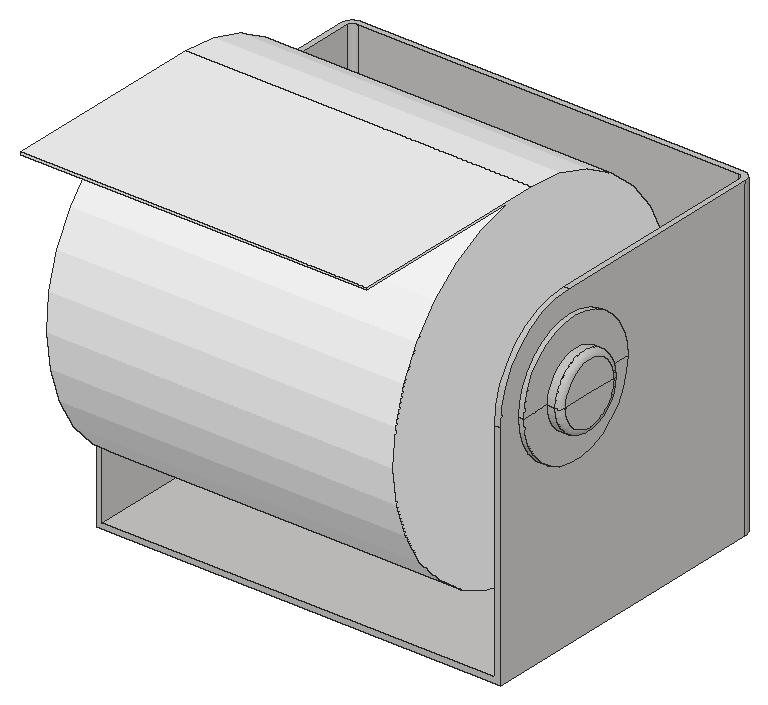
Revit family "PRD_FrankeWS_TltRllHldrs_Heavy-DutyToiletRollHolder_HDTX0001", category Specialty Equipment, host Face, Revit 2018
Family settings
  Host = Face
  Round Connector Dimension = Use Diameter
  Part Type = Normal
  OmniClass Number = 23.40.20.21.21
  OmniClass Title = Toilet Paper Dispensers
  Cut with Voids When Loaded = No
  Shared = No
  Room Calculation Point = No
Parameters (values of type "HDTX0001")
  WarrantyStartDate [instance] = "1900-12-31T23:59:59"
  WarrantyGuarantorParts = "n/a"
  WarrantyGuarantorLabor = "n/a"
  WarrantyDurationUnit = "year"
  WarrantyDurationParts = "n/a"
  WarrantyDurationLabor = "n/a"
  WarrantyDescription = "n/a"
  Version = "1"
  Uniclass2015Version = "Products v1.5"
  Uniclass2015Title = "Toilet roll holders"
  Uniclass2015Code = "Pr_40_20_76_88"
  URL = "www.kwc.com"
  ToiletRollMaterial = PRD_AR_ToiletRoll
  TagNumber [instance] = "n/a"
  SustainabilityPerformance = "n/a"
  Style = "Toilet roll holder"
  Size = "140 x 110 x 110 mm"
  Shape = "n/a"
  SerialNumber [instance] = "n/a"
  RollHolderMaterial = PRD_AR_StainlessSteel_SatinFinished
  Revision = "n/a"
  ReplacementCost = "n/a"
  ProductInformation = "https://pim.kwc.com/product/2030005623/attachment/datasheet?locale=en"
  NominalWidth = 140.00 mm
  NominalLength = 140.00 mm
  NominalHeight = 110.00 mm
  NominalDepth = 110.00 mm
  NetWeight = 1.10 kg
  Name = "HEAVY-DUTY toilet roll holder HDTX0001"
  NBSTypeID = "n/a"
  NBSReference = "45-35-72/368"
  NBSOfficeMasterTag = "n/a"
  NBSNote = "n/a"
  NBSDescription = "Toilet roll holders"
  NBSCertification = "n/a"
  ModelReference = "HDTX0001"
  ModelNumber = "2030005623"
  Model = ModelReference  # "HDTX0001"
  MaximumWidthOfConsumable = 130.00 mm
  Materials = "Stainless steel"
  Material = "Stainless steel"
  ManufacturerURL = "www.kwc.com"
  ManufacturerName = "KWC Group AG"  # constant formula
  Manufacturer = ManufacturerName  # "KWC Group AG"
  MainColor = "Stainless steel"
  IntegralAccessories = "Stainless steel screws and dowels incl."
  InstallationDate [instance] = "1900-12-31T23:59:59"
  IfcExportType = "NOTDEFINED"
  IfcExportAs = "IfcFurnitureType"
  GrossWeight = 1.35 kg
  Grade = "n/a"
  Form = "Wall mounted"
  FinishAndColour = "Stainless steel, satin finished"
  Finish = "Satin finished"
  FillingQuantity = "1 ROLL"
  Features = "stainless steel, 2.00 mm, satin finished, wall mounting, 140x110x110 mm (WxHxD)"
  ExpectedLife = "n/a"
  DurationUnit = "year"
  Description = "Toilet roll holder for wall mounting, stainless steel, surface satin finished, material thickness 14 gauge (2 mm), replaceable spindle secured by heavy-duty lock, for 1 roll with maximum 130 mm width, including stainless steel screws and dowels"
  Default Elevation = 700.00 mm
  Constituents = "n/a"
  Color = "Stainless steel"
  CodePerformance = "n/a"
  Category = "Pr_40_20_76_88, Toilet roll holders"
  BarCode [instance] = "n/a"
  BIMObjectName = "PRD_AR_ToiletRollHolders_Heavy-DutyToiletRollHolder_HDTX0001"
  Author = "Archispace"  # constant formula
  AssetType = "Fixed"
  AssetIdentifier [instance] = "n/a"
  AccessibilityPerformance = "n/a"
Reference planes
  plane 1 "Center (Front/Back)": y = 0
  plane 2: z = 0
  plane 3 "Center (Left/Right)": x = 0
  plane 4: z = 80
  plane 5: y = -55
Forms (mm)
  Extrusion 1, solid, material "PRD_AR_ToiletRoll" <- "ToiletRollMaterial", detail levels medium+fine
    sketch origin (0, 0, 0) x (0, 1, 0) y (0, 0, 1)
      loop
        arc (-38.765, 139.2) -> (-24.101, 20.2) -> (-29, 140) r 60
        line (-29, 140) -> (-100.5, 140) -> (-100.5, 139.2) -> (-38.765, 139.2)
    from -60 to 60
  Extrusion 2, solid, material "PRD_AR_StainlessSteel_SatinFinished" <- "RollHolderMaterial", detail levels fine
    sketch origin (0, 0, 0) x (1, 0, 0) y (0, 1, 0)
      loop
        line (-70, -55) -> (-68, -55) -> (-68, 51)
        arc (-68, 51) -> (-67.414, 52.414) -> (-66, 53) r 2
        line (-66, 53) -> (66, 53)
        arc (66, 53) -> (67.414, 52.414) -> (68, 51) r 2
        line (68, 51) -> (68, -55) -> (70, -55) -> (70, 51)
        arc (70, 51) -> (68.828, 53.828) -> (66, 55) r 4
        line (66, 55) -> (-66, 55)
        arc (-66, 55) -> (-68.828, 53.828) -> (-70, 51) r 4
        line (-70, 51) -> (-70, -55)
    from 0 to 110
  Extrusion 3, solid, material "PRD_AR_StainlessSteel_SatinFinished" <- "RollHolderMaterial", detail levels fine
    sketch origin (0, 0, 0) x (1, 0, 0) y (0, 1, 0)
      loop
        line (-68, -55) -> (68, -55) -> (68, 53) -> (-68, 53) -> (-68, -55)
    from 0 to 2
  Extrusion 4, void
    sketch origin (0, 0, 0) x (0, 1, 0) y (0, 0, 1)
      loop
        line (-55, 110) -> (-55, 80)
        arc (-55, 80) -> (-46.213, 101.213) -> (-25, 110) r 30
        line (-25, 110) -> (-55, 110)
    from -70 to 70
  Revolve 5, solid, material "PRD_AR_StainlessSteel_SatinFinished" <- "RollHolderMaterial", detail levels fine
    sketch origin (0, 132.376, 80) x (0, 1, 0) y (-1, 0, 0)
      loop
        line (-157.376, -77) -> (-157.376, 72) -> (-179.876, 72) -> (-179.876, 70) -> (-173.376, 70) -> (-173.376, -70) -> (-179.876, -70) -> (-179.876, -72) -> (-169.876, -72) -> (-169.876, -75)
        arc (-169.876, -75) -> (-169.291, -76.414) -> (-167.876, -77) r 2
        line (-167.876, -77) -> (-157.376, -77)
      axis (-157.376, -77) -> (-157.376, 72)
    angle from 0 to 360
  Extrusion 6, solid, material "PRD_AR_StainlessSteel_SatinFinished" <- "RollHolderMaterial", detail levels coarse+medium
    sketch origin (0, 0, 0) x (0, 1, 0) y (0, 0, 1)
      loop
        line (55, 110) -> (-25, 110)
        arc (-25, 110) -> (-46.213, 101.213) -> (-55, 80) r 30
        line (-55, 80) -> (-55, 0) -> (55, 0) -> (55, 110)
    from -70 to 70
Cuts and joins
  Extrusion 4 cuts Extrusion 2
  joined: Extrusion 2, Extrusion 3
Dimensions and locks
  aligned and locked: plane 2 to host face
  aligned and locked: level to host face
